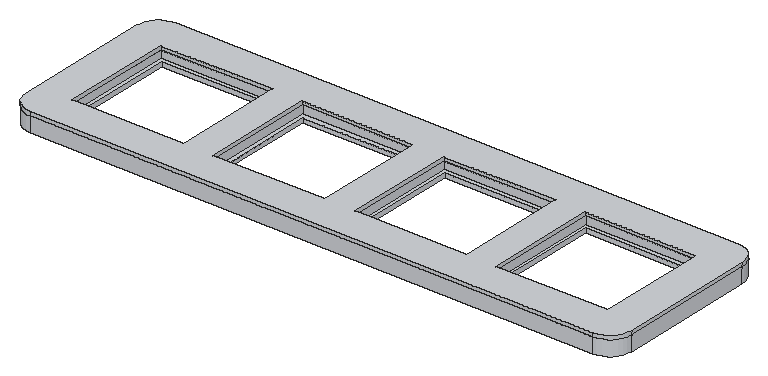
Revit family "Gira_0214412", category Electrical Fixtures, host Face, Revit 2017
Family settings
  Host = Face
  Maintain Annotation Orientation = No
  Round Connector Dimension = Use Diameter
  Part Type = Normal
  Cut with Voids When Loaded = No
  Shared = No
  Room Calculation Point = No
Parameters (values of type "Cov.fr. 4-g Gira E3 grey/p.white")
  URL = "http://katalog.gira.de/en/datenblatt.html?artikelnr=0214412"
  Transparent = "No"
  Name = "Cov.fr. 4-g Gira E3 grey/p.white"
  Manufacturer URL = "https://www.gira.de/"
  Manufacturer = "Gira"
  Keynote = ""
  HeinzeBIM = "https://bimportal.heinze.de/bim/cov-fr-4-g-gira-e3-grey-p-white/6685204046ec48e0c38b7033f0dcbb5aa81de2dd"
  HAN = "0214412"
  GTIN = "4010337023920"
  Description = "Cov.fr.4g E3 GyPw,Gira E3 cover frame,grey soft touch with pure white glossy intermediate frame,4-gang,Features:,- Shatter-proof.,,Notes :,- Soft-touch surface,- NCS value: approx. NCS S 3500-N"
  Default Elevation = 1219.2 mm
  Data sheet (1) = "https://katalog.gira.de/en/download.html?artikelnr=0214412"
  Category = "Cover frame for domestic switching devices"
  BIM (1) = "https://media.stage.bim.site/public/gira/36a6b08/E3_Rahmen_4fach.rfa"
  Available = "No"
Reference planes
  plane 1 "Center (Front/Back)": y = 0
  plane 2: z = 0
  plane 3 "Center (Left/Right)": x = 0
Forms (mm)
  Extrusion 1, solid, detail levels fine
    sketch origin (0, 0, 0) x (1, 0, 0) y (0, 1, 0)
      loop
        arc (-141.75, 45.809) -> (-149.535, 42.585) -> (-152.759, 34.8) r 11.009
        line (-152.759, 34.8) -> (-152.759, -34.8)
        arc (-152.759, -34.8) -> (-149.535, -42.585) -> (-141.75, -45.809) r 11.009
        line (-141.75, -45.809) -> (141.75, -45.809)
        arc (141.75, -45.809) -> (149.535, -42.585) -> (152.759, -34.8) r 11.009
        line (152.759, -34.8) -> (152.759, 34.8)
        arc (152.759, 34.8) -> (149.535, 42.585) -> (141.75, 45.809) r 11.009
        line (141.75, 45.809) -> (-141.75, 45.809)
      loop
        line (-78.85, 28.187) -> (-135.106, 28.187) -> (-135.106, -28.187) -> (-78.85, -28.187) -> (-78.85, 28.187)
      loop
        line (-63.95, 28.187) -> (-63.95, -28.187) -> (-7.695, -28.187) -> (-7.695, 28.187) -> (-63.95, 28.187)
      loop
        line (78.85, 28.187) -> (78.85, -28.187) -> (135.106, -28.187) -> (135.106, 28.187) -> (78.85, 28.187)
      loop
        line (63.95, 28.187) -> (7.695, 28.187) -> (7.695, -28.187) -> (63.95, -28.187) -> (63.95, 28.187)
    from 7.65 to 9.5
  Extrusion 2, solid, detail levels fine
    sketch origin (-107.15, 0, 0) x (1, 0, 0) y (0, 1, 0)
      loop
        line (26.1, 25.7) -> (-25.7, 25.7) -> (-25.7, -25.7) -> (26.1, -25.7) -> (26.1, 25.7)
      loop
        line (-28.187, -28.156) -> (28.187, -28.156) -> (28.187, 28.156) -> (-28.187, 28.156) -> (-28.187, -28.156)
    from 1.65 to 3.9
  Extrusion 3, solid, detail levels fine
    sketch origin (0, 0, 0) x (1, 0, 0) y (0, 1, 0)
      loop
        arc (-141.75, 45.809) -> (-149.535, 42.585) -> (-152.759, 34.8) r 11.009
        line (-152.759, 34.8) -> (-152.759, -34.8)
        arc (-152.759, -34.8) -> (-149.535, -42.585) -> (-141.75, -45.809) r 11.009
        line (-141.75, -45.809) -> (141.75, -45.809)
        arc (141.75, -45.809) -> (149.535, -42.585) -> (152.759, -34.8) r 11.009
        line (152.759, -34.8) -> (152.759, 34.8)
        arc (152.759, 34.8) -> (149.535, 42.585) -> (141.75, 45.809) r 11.009
        line (141.75, 45.809) -> (-141.75, 45.809)
      loop
        line (-150.793, 34.785) -> (-150.793, -34.785)
        arc (-150.793, -34.785) -> (-148.14, -41.19) -> (-141.735, -43.843) r 9.058
        line (-141.735, -43.843) -> (141.735, -43.843)
        arc (141.735, -43.843) -> (148.14, -41.19) -> (150.793, -34.785) r 9.058
        line (150.793, -34.785) -> (150.793, 34.785)
        arc (150.793, 34.785) -> (148.14, 41.19) -> (141.735, 43.843) r 9.058
        line (141.735, 43.843) -> (-141.735, 43.843)
        arc (-141.735, 43.843) -> (-148.14, 41.19) -> (-150.793, 34.785) r 9.058
    from 0 to 7.65
  Extrusion 4, solid, detail levels fine
    sketch origin (-35.75, 0, 0) x (1, 0, 0) y (0, 1, 0)
      loop
        line (-98.606, -31.075) -> (170.105, -31.075)
        arc (170.105, -31.075) -> (172.749, -29.98) -> (173.844, -27.337) r 3.739
        line (173.844, -27.337) -> (173.844, 27.337)
        arc (173.844, 27.337) -> (172.749, 29.98) -> (170.105, 31.075) r 3.739
        line (170.105, 31.075) -> (-98.606, 31.075)
        arc (-98.606, 31.075) -> (-101.249, 29.98) -> (-102.344, 27.337) r 3.739
        line (-102.344, 27.337) -> (-102.344, -27.337)
        arc (-102.344, -27.337) -> (-101.249, -29.98) -> (-98.606, -31.075) r 3.739
      loop
        line (-101.194, 27.537) -> (-101.194, -27.537)
        arc (-101.194, -27.537) -> (-100.495, -29.226) -> (-98.806, -29.925) r 2.389
        line (-98.806, -29.925) -> (170.305, -29.925)
        arc (170.305, -29.925) -> (171.994, -29.226) -> (172.694, -27.537) r 2.389
        line (172.694, -27.537) -> (172.694, 27.537)
        arc (172.694, 27.537) -> (171.994, 29.226) -> (170.305, 29.925) r 2.389
        line (170.305, 29.925) -> (-98.806, 29.925)
        arc (-98.806, 29.925) -> (-100.495, 29.226) -> (-101.194, 27.537) r 2.389
    from 1.65 to 7.65
  Extrusion 5, solid, detail levels fine
    sketch origin (0, 0, 0) x (1, 0, 0) y (0, 1, 0)
      loop
        line (-139.017, -39.8) -> (139.017, -39.8)
        arc (139.017, -39.8) -> (144.632, -36.708) -> (146.864, -30.7) r 9.2
        line (146.864, -30.7) -> (146.864, 30.7)
        arc (146.864, 30.7) -> (144.17, 37.205) -> (137.664, 39.9) r 9.2
        line (137.664, 39.9) -> (-137.664, 39.9)
        arc (-137.664, 39.9) -> (-144.17, 37.205) -> (-146.864, 30.7) r 9.2
        line (-146.864, 30.7) -> (-146.864, -30.7)
        arc (-146.864, -30.7) -> (-144.632, -36.708) -> (-139.017, -39.8) r 9.2
      loop
        line (-137.664, -31.7) -> (137.664, -31.7)
        arc (137.664, -31.7) -> (138.372, -31.407) -> (138.664, -30.7) r 1
        line (138.664, -30.7) -> (138.664, 30.7)
        arc (138.664, 30.7) -> (138.372, 31.407) -> (137.664, 31.7) r 1
        line (137.664, 31.7) -> (-137.664, 31.7)
        arc (-137.664, 31.7) -> (-138.372, 31.407) -> (-138.664, 30.7) r 1
        line (-138.664, 30.7) -> (-138.664, -30.7)
        arc (-138.664, -30.7) -> (-138.372, -31.407) -> (-137.664, -31.7) r 1
    from 1.65 to 3.9
  Extrusion 6, solid, detail levels fine
    sketch origin (-107.15, 0, 0) x (1, 0, 0) y (0, 1, 0)
      loop
        line (-28.187, 28.156) -> (-28.187, -28.156) -> (28.187, -28.156) -> (28.187, 28.156) -> (-28.187, 28.156)
      loop
        line (-29.925, 29.925) -> (-29.925, -29.925) -> (29.925, -29.925) -> (29.925, 29.925) -> (-29.925, 29.925)
    from 1.65 to 7.65
  Extrusion 7, solid, detail levels coarse+medium
    sketch origin (0, 0, 0) x (1, 0, 0) y (0, 1, 0)
      loop
        line (-152.759, 45.809) -> (-152.759, -45.809) -> (152.759, -45.809) -> (152.759, 45.809) -> (-152.759, 45.809)
    from 0 to 9.5
  Extrusion 8, solid, detail levels fine
    sketch origin (-35.65, 0, 0) x (-1, 0, 0) y (0, -1, 0)
      loop
        line (25.9, -25.7) -> (25.9, 25.7) -> (-25.9, 25.7) -> (-25.9, -25.7) -> (25.9, -25.7)
      loop
        line (-28.187, 28.156) -> (-28.187, -28.156) -> (28.187, -28.156) -> (28.187, 28.156) -> (-28.187, 28.156)
    from 1.65 to 3.9
  Extrusion 9, solid, detail levels fine
    sketch origin (-35.65, 0, 0) x (-1, 0, 0) y (0, -1, 0)
      loop
        line (-28.187, -28.156) -> (28.187, -28.156) -> (28.187, 28.156) -> (-28.187, 28.156) -> (-28.187, -28.156)
      loop
        line (-29.925, -29.925) -> (29.925, -29.925) -> (29.925, 29.925) -> (-29.925, 29.925) -> (-29.925, -29.925)
    from 1.65 to 7.65
  Extrusion 10, solid, detail levels fine
    sketch origin (35.85, 0, 0) x (-1, 0, 0) y (0, -1, 0)
      loop
        line (26.1, -25.7) -> (26.1, 25.7) -> (-25.7, 25.7) -> (-25.7, -25.7) -> (26.1, -25.7)
      loop
        line (-28.187, 28.156) -> (-28.187, -28.156) -> (28.187, -28.156) -> (28.187, 28.156) -> (-28.187, 28.156)
    from 1.65 to 3.9
  Extrusion 11, solid, detail levels fine
    sketch origin (35.85, 0, 0) x (-1, 0, 0) y (0, -1, 0)
      loop
        line (-28.187, -28.156) -> (28.187, -28.156) -> (28.187, 28.156) -> (-28.187, 28.156) -> (-28.187, -28.156)
      loop
        line (-29.925, -29.925) -> (29.925, -29.925) -> (29.925, 29.925) -> (-29.925, 29.925) -> (-29.925, -29.925)
    from 1.65 to 7.65
  Extrusion 12, solid, detail levels fine
    sketch origin (107.15, 0, 0) x (-1, 0, 0) y (0, -1, 0)
      loop
        line (26.1, -25.7) -> (26.1, 25.7) -> (-25.7, 25.7) -> (-25.7, -25.7) -> (26.1, -25.7)
      loop
        line (-28.187, 28.156) -> (-28.187, -28.156) -> (28.187, -28.156) -> (28.187, 28.156) -> (-28.187, 28.156)
    from 1.65 to 3.9
  Extrusion 13, solid, detail levels fine
    sketch origin (107.15, 0, 0) x (-1, 0, 0) y (0, -1, 0)
      loop
        line (-28.187, -28.156) -> (28.187, -28.156) -> (28.187, 28.156) -> (-28.187, 28.156) -> (-28.187, -28.156)
      loop
        line (-29.925, -29.925) -> (29.925, -29.925) -> (29.925, 29.925) -> (-29.925, 29.925) -> (-29.925, -29.925)
    from 1.65 to 7.65
Dimensions and locks
  aligned and locked: plane 2 to host face
  aligned and locked: level to host face
